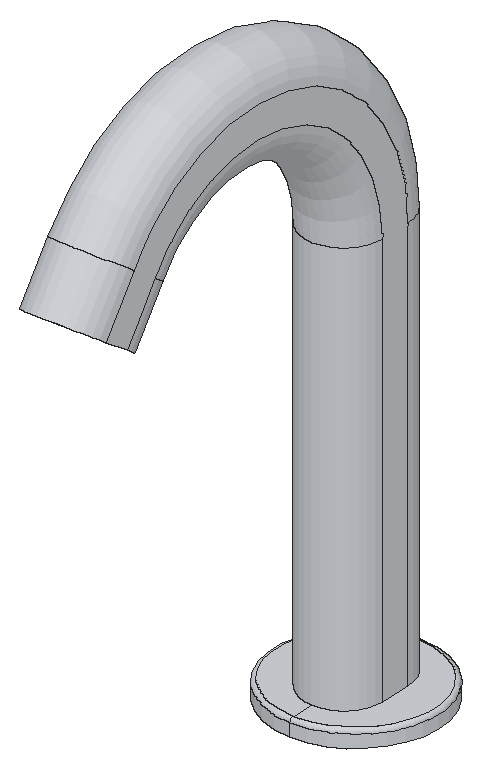
Revit family "Faucet_Touchless-Lavatory-KOHLER-Oblo-K-103B76", category Plumbing Fixtures, host Face, Revit 2017
Family settings
  Host = Face
  Round Connector Dimension = Use Diameter
  Part Type = Normal
  OmniClass Number = 23.31.11.00
  OmniClass Title = Faucets
  Cut with Voids When Loaded = No
  Shared = No
  Room Calculation Point = No
Parameters (values of type "CP-Polished Chrome")
  Width = 2 5/16"  # constant formula
  WaterSense Certified = 1 = 0  # no
  Waste Water Outlet = "Waste Water Outlet"  # constant formula
  Waste Connection = 1 = 0  # no
  Voltage = 120 V
  Vent Connection = 1 = 0  # no
  URL = "https://www.us.kohler.com/us/"
  Tempered Water Inlet = "Tempered Water Inlet"  # constant formula
  Spout Reach = Length  # 4 7/8"
  Product Page URL = "http://www.us.kohler.com/us/catalog/productDetails.jsp?productNumber=103B76-SANA"
  Product Name = "Oblo"  # constant formula
  Product Documentation Link = "https://www.us.kohler.com/webassets/kpna/catalog/pdf/en/K-103B76-SANA_spec.pdf"
  Pressure = 60.00 psi  # constant formula
  Model = "K-103B76-SANA-CP"  # constant formula
  Material = " Brass Spout"  # constant formula
  MasterFormat 2004 = "22.41.39"  # constant formula
  MasterFormat 1995 = "15410"  # constant formula
  Manufacturer Address = "444 Highland Dr, Kohler, WI 53044"  # constant formula
  Manufacturer = "KOHLER Co."  # constant formula
  Length = 4 7/8"  # constant formula
  Hot Water Inlet = "Hot Water Inlet"  # constant formula
  Height = 9 1/4"  # constant formula
  HW Connection = 1 = 1  # yes
  Flow Rate = 0.5 GPM  # constant formula
  Finish = Kohler-Metal-CP-Polished_Chrome
  Environmental Product Declaration = ""
  Electrical Note = "One dedicated circuit required, protected with Class A Ground-Fault Circuit-Interrupter (GFCI). Outside North America, this device may be known as a Residual Current Device (RCD)"  # constant formula
  Electrical Connector = 1 = 1  # yes
  Drain Included = 1 = 1  # yes
  Description = " Touchless bathroom sink faucet with Kinesis sensor technology, AC-powered"  # constant formula
  Default Elevation = 36"
  Declare Label = ""
  Date Modified = "01/07/2020"  # constant formula
  Date Created = "01/07/2020"  # constant formula
  Copyright = "Copyright KOHLER Co."  # constant formula
  Contact Us = "https://www.us.kohler.com/us/static/contact.jsp"
  Cold Water Inlet = "Cold Water Inlet"  # constant formula
  CW Connection = 1 = 0  # no
  Assembly Code = "D2010"
  Apparent Load = 15 A * Voltage  # 1800 VA
  ADA Compliant = 1 = 1  # yes
Reference planes (in)
  plane 1 "Center (Front/Back)": y = 0
  plane 2: z = 0
  plane 3 "Center (Left/Right)": x = 0
  plane 4: x = -1.15625
  plane 5: x = 1.15625
  plane 6: y = 1.15625
  plane 7: y = -1.15625
  plane 8: y = -4.875
  plane 9: z = 9.25
  plane 10: z = 6.8125
  plane 11: x = -0.55118
  plane 12: x = 0.55118
Dimensions and locks (in)
  "Width": plane 4 to plane 5
  plane 7 to plane 6 = 2 5/16"
  "Length": plane 8 to plane 1 "Center (Front/Back)"
  "Height": plane 9 to plane 2
  plane 10 to plane 2 = 6 13/16"
  aligned and locked: plane 2 to host face
  aligned and locked: level to host face
Automatic sketch dimensions
  host sketch curve to host sketch curve = 96"  (x2)
Nested families (in)
  nested 1: "K-103B76" at (0, 0, 0), type "K-103B76"
Connectors (in)
  piping at (0, 0, 0.02263), diameter 0.375, driven by "Flow Rate", driven by "Pressure", driven by "HW Connection", driven by "Tempered Water Inlet"
    settings: on nested 1, index 1, connector inside diameter 24", connector length 0", flow factor 0, pipe flow 0.5 GPM, pressure drop 60.00 psi, fitting loss kfactor 0, connector angle 0.00°, fixture units 0, engagement length 0", angle of deflection 0.00°, flow configuration 1, flow direction 1, fitting loss method 4, system type 19, joint type 0, gender type 0, connector reference index -1, connector utility 1, adjustable connector no, is connector primary yes, connector description "Tempered Water Inlet"
  electrical at (0, 0.95016, 0), driven by "Voltage", driven by "Apparent Load", driven by "Electrical Connector", driven by "Electrical Note"
    settings: on nested 1, index 3, voltage 120 V, apparent load 1800 VA, apparent load phase1 0 VA, apparent load phase2 0 VA, apparent load phase3 0 VA, power factor 1, load classification "Power", number of poles 1, system type 30, power factor state 1, is connector primary yes, connector utility yes, sub classification motor no, connector description "One dedicated circuit required, protected with Class A Ground-Fault Circuit-Interrupter (GFCI). Outside North America, this device may be known as a Residual Current Device (RCD)"
Definition of nested family "K-103B76"
  Parameters (values of type "K-103B76")
    Material = none
  Reference planes (in)
    plane 1 "Center (Front/Back)": y = 0
    plane 2: z = 0
    plane 3 "Center (Left/Right)": x = 0
    plane 4: x = -1.15625
    plane 5: x = 1.15625
    plane 6: y = 1.15625
    plane 7: y = -1.15625
    plane 8: z = 9.25
    plane 9: y = -4.875
    plane 10: z = 6.8125
  Forms (in)
    Revolve 1, solid, material <- "Material", detail levels medium+fine
      sketch origin (0, 0, 0) x (0, 1, 0) y (0, 0, 1)
        loop
          line (1.15625, 0) -> (1.15625, 0.17964)
          arc (1.15625, 0.17964) -> (1.13968, 0.21965) -> (1.09967, 0.23622) r 0.05658
          line (1.09967, 0.23622) -> (0, 0.23622) -> (0, 0) -> (1.15625, 0)
        axis (0, 0) -> (0, 0.23622)
      angle from 0 to 360
    Sweep 2, solid, material <- "Material", detail levels medium+fine
      path origin (0, 0, -0.0166) x (0, 1, 0) y (0, 0, 1)
        loop
          line (0, 0.25282) -> (0, 6.07301)
          arc (0, 6.07301) -> (-1.69297, 8.38192) -> (-4.4041, 7.46161) r 2.42096
          line (-4.4041, 7.46161) -> (-4.89067, 6.76672)
      profile origin (0, 0, 3.14631) x (0, -1, 0) y (1, 0, 0)
        loop
          spline (0.22638, -0.55118) -> (0.36802, -0.53239) -> (0.50001, -0.47732) -> (0.61335, -0.3897) -> (0.70031, -0.27552) -> (0.75496, -0.14256) -> (0.77357, 0.00012) -> (0.75489, 0.14279) -> (0.70018, 0.27573) -> (0.61318, 0.38987) -> (0.4998, 0.47744) -> (0.36779, 0.53246) -> (0.22613, 0.55118)
          line (0.22613, 0.55118) -> (-0.22638, 0.55118)
          spline (-0.22638, 0.55118) -> (-0.368, 0.5324) -> (-0.49998, 0.47734) -> (-0.6133, 0.38974) -> (-0.70026, 0.27559) -> (-0.75493, 0.14266) -> (-0.77358, 0) -> (-0.75493, -0.14266) -> (-0.70026, -0.27559) -> (-0.6133, -0.38974) -> (-0.49998, -0.47734) -> (-0.368, -0.5324) -> (-0.22638, -0.55118)
          line (-0.22638, -0.55118) -> (0.22638, -0.55118)
    Extrusion 3, solid, material <- "Material", detail levels coarse
      sketch origin (0, 0, 0) x (1, 0, 0) y (0, 1, 0)
        loop
          circle (0, 0) r 1.15625
      from 0 to 0.23622
    Sweep 4, solid, material <- "Material", detail levels coarse
      path origin (0, 0, -0.0166) x (0, 1, 0) y (0, 0, 1)
        loop
          line (0, 0.25282) -> (0, 6.07301)
          arc (0, 6.07301) -> (-1.69297, 8.38192) -> (-4.4041, 7.46161) r 2.42096
          line (-4.4041, 7.46161) -> (-4.89067, 6.76672)
      profile origin (0, 0, 3.14631) x (0, -1, 0) y (1, 0, 0)
        loop
          spline (0.77362, 0) -> (0.74726, 0.14266) -> (0.66997, 0.27559) -> (0.54703, 0.38974) -> (0.38681, 0.47734) -> (0.20023, 0.5324) -> (0, 0.55118) -> (-0.20023, 0.5324) -> (-0.38681, 0.47734) -> (-0.54703, 0.38974) -> (-0.66997, 0.27559) -> (-0.74726, 0.14266) -> (-0.77362, 0)
          spline (-0.77362, 0) -> (-0.74726, -0.14266) -> (-0.66997, -0.27559) -> (-0.54703, -0.38974) -> (-0.38681, -0.47734) -> (-0.20023, -0.5324) -> (0, -0.55118) -> (0.20023, -0.5324) -> (0.38681, -0.47734) -> (0.54703, -0.38974) -> (0.66997, -0.27559) -> (0.74726, -0.14266) -> (0.77362, 0)
    Extrusion 5, void
      sketch origin (0, -4.89067, 6.75012) x (1, 0, 0) y (0, -0.819152, 0.573576)
        loop
          circle (0.00001, 0.10763) r 0.5
        loop
          circle (0.00001, 0.10763) r 0.48516
        loop
          circle (0.00001, 0.10763) r 0.41777
      from -0.16869 to 0.18137
    Extrusion 6, solid, material <- "Material", detail levels medium+fine
      sketch origin (0, 0, 0) x (1, 0, 0) y (0, 1, 0)
        loop
          circle (0, 0) r 0.09901
        loop
          circle (0, 0.95016) r 0.06477
      from 0 to 0.02263
    Extrusion 7, solid, detail levels medium+fine
      sketch origin (0, -4.87262, 6.73748) x (1, 0, 0) y (0, -0.819152, 0.573576)
        loop
          arc (-0.05401, 0.31283) -> (-0.14872, 0.27846) -> (-0.22584, 0.21363) r 0.2885
          line (-0.22584, 0.21363) -> (-0.19124, 0.19366) -> (-0.24079, 0.10784) -> (-0.27538, 0.12782)
          arc (-0.27538, 0.12782) -> (-0.29297, 0.02861) -> (-0.27538, -0.07059) r 0.2885
          line (-0.27538, -0.07059) -> (-0.24079, -0.05062) -> (-0.19124, -0.13643) -> (-0.22584, -0.1564)
          arc (-0.22584, -0.1564) -> (-0.14872, -0.22124) -> (-0.05401, -0.25561) r 0.2885
          line (-0.05401, -0.25561) -> (-0.05401, -0.21567) -> (0.04508, -0.21567) -> (0.04508, -0.25561)
          arc (0.04508, -0.25561) -> (0.13979, -0.22124) -> (0.2169, -0.1564) r 0.2885
          line (0.2169, -0.1564) -> (0.18231, -0.13643) -> (0.23186, -0.05062) -> (0.26645, -0.07059)
          arc (0.26645, -0.07059) -> (0.28404, 0.02861) -> (0.26645, 0.12782) r 0.2885
          line (0.26645, 0.12782) -> (0.23186, 0.10784) -> (0.18231, 0.19366) -> (0.2169, 0.21363)
          arc (0.2169, 0.21363) -> (0.13979, 0.27846) -> (0.04508, 0.31283) r 0.2885
          line (0.04508, 0.31283) -> (0.04508, 0.27289) -> (-0.05401, 0.27289) -> (-0.05401, 0.31283)
      from -0.16869 to -0.08135
  Cuts and joins
    Extrusion 5 cuts Sweep 2
    joined: Revolve 1, Sweep 2
    joined: Extrusion 3, Sweep 4
  Lines and regions (in)
    Masking region 1
      outline origin (0, 0, 0) x (1, 0, 0) y (0, 1, 0)
        loop
          arc (0.55118, -1.01642) -> (1.12075, 0.28432) -> (0, 1.15625) r 1.15625
          arc (0, 1.15625) -> (-1.12075, 0.28432) -> (-0.55118, -1.01642) r 1.15625
          line (-0.55118, -1.01642) -> (-0.55118, -5.07611)
          spline (-0.55118, -5.07611) -> (-0.53241, -5.19209) -> (-0.47738, -5.30017) -> (-0.38983, -5.39299) -> (-0.27574, -5.46422) -> (-0.14286, -5.50903) -> (-0.00026, -5.52435) -> (0.14237, -5.50914) -> (0.27529, -5.46443) -> (0.38947, -5.39328) -> (0.47712, -5.30053) -> (0.53228, -5.19249) -> (0.55118, -5.07653)
          line (0.55118, -5.07653) -> (0.55118, -1.01642)
    Masking region 2
      outline origin (0, 0, 0) x (1, 0, 0) y (0, 0, 1)
        loop
          line (1.15625, 0) -> (1.15625, 0.18027)
          arc (1.15625, 0.18027) -> (1.13986, 0.21983) -> (1.1003, 0.23622) r 0.05595
          line (1.1003, 0.23622) -> (0.55118, 0.23622) -> (0.55118, 8.69977)
          arc (0.55118, 8.69977) -> (0, 9.25096) -> (-0.55118, 8.69977) r 0.55118
          line (-0.55118, 8.69977) -> (-0.55118, 0.23622) -> (-1.1003, 0.23622)
          arc (-1.1003, 0.23622) -> (-1.13986, 0.21983) -> (-1.15625, 0.18027) r 0.05595
          line (-1.15625, 0.18027) -> (-1.15625, 0) -> (1.15625, 0)
    Masking region 3
      outline origin (0, 0, 0) x (0, 1, 0) y (0, 0, 1)
        loop
          line (1.15625, 0) -> (1.15625, 0.18047)
          arc (1.15625, 0.18047) -> (1.13992, 0.21989) -> (1.1005, 0.23622) r 0.05575
          line (1.1005, 0.23622) -> (0.77357, 0.23622) -> (0.77357, 6.05478)
          arc (0.77357, 6.05478) -> (-1.46071, 9.10195) -> (-5.03871, 7.88738) r 3.19505
          line (-5.03871, 7.88738) -> (-5.52435, 7.19382) -> (-4.257, 6.30641) -> (-3.77602, 6.99332)
          arc (-3.77602, 6.99332) -> (-1.92773, 7.62073) -> (-0.77357, 6.04666) r 1.65046
          line (-0.77357, 6.04666) -> (-0.77357, 0.23622) -> (-1.1005, 0.23622)
          arc (-1.1005, 0.23622) -> (-1.13992, 0.21989) -> (-1.15625, 0.18047) r 0.05575
          line (-1.15625, 0.18047) -> (-1.15625, 0) -> (1.15625, 0)
    symbolic lines, detail levels medium+fine
      curve 1: spline (-0.55118, 0.22638, 0) -> (-0.5324, 0.368, 0) -> (-0.47734, 0.49998, 0) -> (-0.38974, 0.6133, 0) -> (-0.27559, 0.70026, 0) -> (-0.14266, 0.75493, 0) -> (0, 0.77357, 0) -> (0.14266, 0.75493, 0) -> (0.27559, 0.70026, 0) -> (0.38974, 0.6133, 0) -> (0.47734, 0.49998, 0) -> (0.5324, 0.368, 0) -> (0.55118, 0.22638, 0)
      curve 2: line (-0.55118, 0.22638, 0) -> (-0.55118, -1.01642, 0)
      curve 3: line (0.55118, 0.22638, 0) -> (0.55118, -1.01642, 0)
      curve 4: line (-0.55118, 0, 0.23622) -> (0.55118, 0, 0.23622)
      curve 5: line (0, 0.77357, 0.23622) -> (0, -0.77357, 0.23622)
      curve 6: line (0, 0.30078, 0.23622) -> (0, 0.30078, 6.20994)
      curve 7: arc (0, 0.30078, 6.20994) -> (0, -1.56867, 8.75954) -> (0, -4.56242, 7.7433) r 2.67334
      curve 8: line (0, -5.13706, 6.92264) -> (0, -4.56242, 7.7433)
      curve 9: line (0, -4.64429, 6.5776) -> (0, -4.06965, 7.39826)
      curve 10: arc (0, -0.30078, 6.20994) -> (0, -1.74956, 8.18582) -> (0, -4.06965, 7.39826) r 2.07177
      curve 11: line (0, -0.30078, 0.23622) -> (0, -0.30078, 6.20994)
      curve 12: spline (0.55116, 0, 6.96272) -> (0.53238, 0, 7.04395) -> (0.47731, 0, 7.11965) -> (0.38972, 0, 7.18465) -> (0.27557, 0, 7.23453) -> (0.14263, 0, 7.26589) -> (-0.00002, 0, 7.27658) -> (-0.14268, 0, 7.26589) -> (-0.27562, 0, 7.23453) -> (-0.38977, 0, 7.18465) -> (-0.47736, 0, 7.11965) -> (-0.53242, 0, 7.04395) -> (-0.55121, 0, 6.96272)
      curve 13: spline (-0.55121, 0, 6.70303) -> (-0.53242, 0, 6.62179) -> (-0.47734, 0, 6.54608) -> (-0.38973, 0, 6.48108) -> (-0.27554, 0, 6.4312) -> (-0.14258, 0, 6.39985) -> (0.0001, 0, 6.38917) -> (0.14277, 0, 6.39989) -> (0.27571, 0, 6.43127) -> (0.38985, 0, 6.48117) -> (0.47741, 0, 6.5462) -> (0.53243, 0, 6.62192) -> (0.55116, 0, 6.70317)
      curve 14: spline (0.49998, 0, 6.88231) -> (0.48294, 0, 6.80809) -> (0.43299, 0, 6.73892) -> (0.35353, 0, 6.67952) -> (0.24998, 0, 6.63395) -> (0.12939, 0, 6.6053) -> (-0.00002, 0, 6.59553) -> (-0.12943, 0, 6.6053) -> (-0.25002, 0, 6.63395) -> (-0.35358, 0, 6.67952) -> (-0.43304, 0, 6.73892) -> (-0.48299, 0, 6.80809) -> (-0.50002, 0, 6.88231) -> (-0.48299, 0, 6.95654) -> (-0.43304, 0, 7.02571) -> (-0.35358, 0, 7.0851) -> (-0.25002, 0, 7.13068) -> (-0.12943, 0, 7.15933) -> (-0.00002, 0, 7.1691) -> (0.12939, 0, 7.15933) -> (0.24998, 0, 7.13068) -> (0.35353, 0, 7.0851) -> (0.43299, 0, 7.02571) -> (0.48294, 0, 6.95654) -> (0.49998, 0, 6.88231)
      curve 15: spline (0.48513, 0, 6.88231) -> (0.4686, 0, 6.95434) -> (0.42013, 0, 7.02145) -> (0.34303, 0, 7.07908) -> (0.24255, 0, 7.12331) -> (0.12554, 0, 7.15111) -> (-0.00002, 0, 7.16059) -> (-0.12559, 0, 7.15111) -> (-0.2426, 0, 7.12331) -> (-0.34308, 0, 7.07908) -> (-0.42018, 0, 7.02145) -> (-0.46865, 0, 6.95434) -> (-0.48518, 0, 6.88231) -> (-0.46865, 0, 6.81029) -> (-0.42018, 0, 6.74318) -> (-0.34308, 0, 6.68554) -> (-0.2426, 0, 6.64132) -> (-0.12559, 0, 6.61352) -> (-0.00002, 0, 6.60404) -> (0.12554, 0, 6.61352) -> (0.24255, 0, 6.64132) -> (0.34303, 0, 6.68554) -> (0.42013, 0, 6.74318) -> (0.4686, 0, 6.81029) -> (0.48513, 0, 6.88231)
      curve 16: spline (0.41775, 0, 6.88231) -> (0.40351, 0, 6.82029) -> (0.36178, 0, 6.7625) -> (0.29538, 0, 6.71287) -> (0.20886, 0, 6.67479) -> (0.1081, 0, 6.65085) -> (-0.00002, 0, 6.64269) -> (-0.10815, 0, 6.65085) -> (-0.20891, 0, 6.67479) -> (-0.29543, 0, 6.71287) -> (-0.36182, 0, 6.7625) -> (-0.40356, 0, 6.82029) -> (-0.4178, 0, 6.88231) -> (-0.40356, 0, 6.94433) -> (-0.36182, 0, 7.00213) -> (-0.29543, 0, 7.05175) -> (-0.20891, 0, 7.08983) -> (-0.10815, 0, 7.11377) -> (-0.00002, 0, 7.12194) -> (0.1081, 0, 7.11377) -> (0.20886, 0, 7.08983) -> (0.29538, 0, 7.05175) -> (0.36178, 0, 7.00213) -> (0.40351, 0, 6.94433) -> (0.41775, 0, 6.88231)
      curve 17: spline (-0.41069, 0, 6.9263) -> (-0.39912, 0, 6.89945) -> (-0.38222, 0, 6.87354) -> (-0.36023, 0, 6.84892) -> (-0.33344, 0, 6.82591) -> (-0.30221, 0, 6.80483) -> (-0.26694, 0, 6.78596) -> (-0.22812, 0, 6.76954) -> (-0.18626, 0, 6.7558) -> (-0.14192, 0, 6.74492) -> (-0.09569, 0, 6.73704) -> (-0.04818, 0, 6.73227) -> (-0.00003, 0, 6.73067)
      curve 18: spline (-0.00003, 0, 6.73067) -> (0.04813, 0, 6.73227) -> (0.09564, 0, 6.73704) -> (0.14187, 0, 6.74492) -> (0.18621, 0, 6.7558) -> (0.22807, 0, 6.76954) -> (0.26689, 0, 6.78596) -> (0.30216, 0, 6.80483) -> (0.33339, 0, 6.82591) -> (0.36018, 0, 6.84892) -> (0.38217, 0, 6.87354) -> (0.39907, 0, 6.89945) -> (0.41065, 0, 6.9263)
      curve 19: line (-0.04923, 0, 6.73991) -> (-0.04923, 0, 6.76282)
      curve 20: line (0.04986, 0, 6.76282) -> (0.04986, 0, 6.73991)
      curve 21: spline (0.22169, 0, 6.79681) -> (0.21049, 0, 6.78957) -> (0.19857, 0, 6.78271) -> (0.18598, 0, 6.77627) -> (0.17275, 0, 6.77026) -> (0.15893, 0, 6.7647) -> (0.14457, 0, 6.75962) -> (0.12971, 0, 6.75503) -> (0.11441, 0, 6.75094) -> (0.09873, 0, 6.74738) -> (0.0827, 0, 6.74434) -> (0.06639, 0, 6.74185) -> (0.04986, 0, 6.73991)
      curve 22: line (0.18709, 0, 6.80827) -> (0.22169, 0, 6.79681)
      curve 23: line (0.23664, 0, 6.85749) -> (0.18709, 0, 6.80827)
      curve 24: line (0.27123, 0, 6.84603) -> (0.23664, 0, 6.85749)
      curve 25: spline (0.27123, 0, 6.95983) -> (0.27657, 0, 6.95065) -> (0.28096, 0, 6.9413) -> (0.28439, 0, 6.93183) -> (0.28685, 0, 6.92225) -> (0.28833, 0, 6.91261) -> (0.28882, 0, 6.90293) -> (0.28833, 0, 6.89326) -> (0.28685, 0, 6.88361) -> (0.28439, 0, 6.87404) -> (0.28096, 0, 6.86456) -> (0.27657, 0, 6.85521) -> (0.27123, 0, 6.84603)
      curve 26: line (0.23664, 0, 6.94838) -> (0.27123, 0, 6.95983)
      curve 27: line (0.18709, 0, 6.9976) -> (0.23664, 0, 6.94838)
      curve 28: spline (0.04986, 0, 7.06595) -> (0.06639, 0, 7.06401) -> (0.0827, 0, 7.06152) -> (0.09873, 0, 7.05849) -> (0.11441, 0, 7.05492) -> (0.12971, 0, 7.05083) -> (0.14457, 0, 7.04624) -> (0.15893, 0, 7.04116) -> (0.17275, 0, 7.0356) -> (0.18598, 0, 7.02959) -> (0.19857, 0, 7.02315) -> (0.21049, 0, 7.01629) -> (0.22169, 0, 7.00905)
      curve 29: line (0.22169, 0, 7.00905) -> (0.18709, 0, 6.9976)
      curve 30: line (0.04986, 0, 7.06595) -> (0.04986, 0, 7.02088)
      curve 31: line (0.04986, 0, 7.02088) -> (-0.04923, 0, 7.02088)
      curve 32: line (-0.04923, 0, 7.02088) -> (-0.04923, 0, 7.06595)
      curve 33: spline (-0.22105, 0, 7.00905) -> (-0.20986, 0, 7.01629) -> (-0.19794, 0, 7.02315) -> (-0.18535, 0, 7.02959) -> (-0.17212, 0, 7.0356) -> (-0.1583, 0, 7.04116) -> (-0.14394, 0, 7.04624) -> (-0.12908, 0, 7.05083) -> (-0.11378, 0, 7.05492) -> (-0.09809, 0, 7.05849) -> (-0.08207, 0, 7.06152) -> (-0.06576, 0, 7.06401) -> (-0.04923, 0, 7.06595)
      curve 34: line (-0.18646, 0, 6.9976) -> (-0.22105, 0, 7.00905)
      curve 35: line (-0.23601, 0, 6.94838) -> (-0.18646, 0, 6.9976)
      curve 36: line (-0.2706, 0, 6.95983) -> (-0.23601, 0, 6.94838)
      curve 37: spline (-0.2706, 0, 6.84603) -> (-0.27593, 0, 6.85521) -> (-0.28032, 0, 6.86456) -> (-0.28376, 0, 6.87404) -> (-0.28622, 0, 6.88361) -> (-0.28769, 0, 6.89326) -> (-0.28819, 0, 6.90293) -> (-0.28769, 0, 6.91261) -> (-0.28622, 0, 6.92225) -> (-0.28376, 0, 6.93183) -> (-0.28032, 0, 6.9413) -> (-0.27593, 0, 6.95065) -> (-0.2706, 0, 6.95983)
      curve 38: line (-0.23601, 0, 6.85749) -> (-0.2706, 0, 6.84603)
      curve 39: line (-0.18646, 0, 6.80827) -> (-0.23601, 0, 6.85749)
      curve 40: line (-0.22105, 0, 6.79681) -> (-0.18646, 0, 6.80827)
      curve 41: spline (-0.04923, 0, 6.73991) -> (-0.06576, 0, 6.74185) -> (-0.08207, 0, 6.74434) -> (-0.09809, 0, 6.74738) -> (-0.11378, 0, 6.75094) -> (-0.12908, 0, 6.75503) -> (-0.14394, 0, 6.75962) -> (-0.1583, 0, 6.7647) -> (-0.17212, 0, 6.77026) -> (-0.18535, 0, 6.77627) -> (-0.19794, 0, 6.78271) -> (-0.20986, 0, 6.78957) -> (-0.22105, 0, 6.79681)
      curve 42: line (0.04986, 0, 6.76282) -> (-0.04923, 0, 6.76282)
  Dimensions and locks (in)
    plane 4 to plane 5 = 2 5/16"
    plane 8 to plane 2 = 9 1/4"
    plane 1 "Center (Front/Back)" to plane 9 = 4 7/8"
    plane 10 to plane 2 = 6 13/16"
    aligned and locked: plane 2 to level
